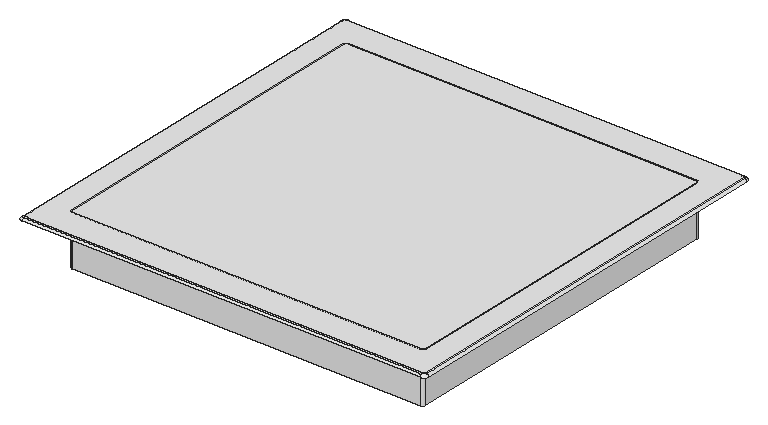
Revit family "WH2898", category Plumbing Fixtures, host Face, Revit 2019
Family settings
  Host = Face
  Round Connector Dimension = Use Diameter
  Part Type = Normal
  OmniClass Number = 23.45.05.21.11.11
  OmniClass Title = Water Operated Water Closets
  Cut with Voids When Loaded = No
  Shared = Yes
  Room Calculation Point = No
Parameters (values of type "WH2898-BLANK")
  Width = 17"  # constant formula
  Waste Connection Radius = 1 1/16"
  Waste Connection Diameter = Waste Connection Radius * 2  # 2 1/8"
  Waste Connection = yes
  WFU = 10
  Vent Connection = no
  URL = "http://www.whitehallmfg.com"
  Type Comments = ""
  Revised Date = "08/19/2019"  # constant formula
  Product Page URL = "https://www.whitehallmfg.com/WH2898-panel-flush-valve"
  Product Documentation Link = "https://www.whitehallmfg.com/uploads/fileLibrary/WH2898.pdf"
  Model = "WH2898-BLANK"
  Material = Stainless-Whitehall-16 Gauge-White
  Manufacturer = "Whitehall Mfg"
  Length = 2"  # constant formula
  Height = 17"  # constant formula
  HWFU = 0
  HW Connection = no
  Flush Valve and Punch = no
  Flush Rate = "n/a"
  Description = "Ligature Resistant Flush Valve Cover With 1.6 GPF Hydraulic Flush Valve (White)"
  Default Elevation = 0"
  Cold Water Connection Radius = 1/2"
  Cold Water Connection Diameter = Cold Water Connection Radius * 2  # 1"
  CWFU = 10
  CW Connection = yes
  Assembly Code = "D2010110"
  ADA Compliant = yes
Types (6): name | Model | Flush Valve and Punch | Flush Rate | Description
  (no name) | "WH2898-BLANK" | no | "n/a" | "Ligature Resistant Flush Valve Cover With 1.6 GPF Hydraulic Flush Valve (White)"
  WH2898-EG10-1.28 | "WH2898-EG10-1.28" | yes | "1.28 GPF" | "Ligature Resistant Flush Valve Cover With 1.28 GPF Hydraulic Flush Valve (White)"
  WH2898-EG10-1.6 | "WH2898-EG10-1.6" | yes | "1.6 GPF" | "Ligature Resistant Flush Valve Cover With 1.6 GPF Hydraulic Flush Valve (White)"
  WH2898-EG10-0.5 | "WH2898-EG10-0.5" | yes | "0.5 GPF" | "Ligature Resistant Flush Valve Cover With 0.5 GPF Hydraulic Flush Valve (White)"
  WH2898-EG10-0.125 | "WH2898-EG10-0.125" | yes | "0.125 GPF" | "Ligature Resistant Flush Valve Cover With 0.125 GPF Hydraulic Flush Valve (White)"
  WH2898-BLANK | "WH2898-BLANK" | no | "n/a" | "Ligature Resistant Flush Valve Cover With 1.6 GPF Hydraulic Flush Valve (White)"
Reference planes (in)
  plane 1 "Center (Front/Back)": y = 0
  plane 2: z = 0
  plane 3 "Center (Left/Right)": x = 0
  plane 4: z = 10
  plane 5: y = 1.5
  plane 6: y = 18.5
  plane 7: x = -8.5
  plane 8: x = 8.5
  plane 9: x = -3
  plane 10: y = 13
  plane 11: y = -5
  plane 12: z = 29.375
  plane 13: x = 7.375
  plane 14: x = -7.375
  plane 15: y = 10.0007452
  plane 16: y = 17.1882452
  plane 17: y = 2.8132452
  plane 18: z = -2
Forms (in)
  Sweep 1, solid, material "Stainless-Whitehall-16 Gauge-White" <- "Material"
    path origin (0, 0, 0) x (1, 0, 0) y (0, 1, 0)
      loop
        arc (-8.3100841, 18.5) -> (-8.4443749, 18.4443749) -> (-8.5, 18.3100841) r 0.1899159
        line (-8.5, 18.3100841) -> (-8.5, 1.6914062)
        arc (-8.5, 1.6914062) -> (-8.4439384, 1.5560616) -> (-8.3085937, 1.5) r 0.1914062
        line (-8.3085937, 1.5) -> (8.3085937, 1.5)
        arc (8.3085937, 1.5) -> (8.4439384, 1.5560616) -> (8.5, 1.6914062) r 0.1914063
        line (8.5, 1.6914062) -> (8.5, 18.3085937)
        arc (8.5, 18.3085937) -> (8.4439384, 18.4439384) -> (8.3085937, 18.5) r 0.1914063
        line (8.3085937, 18.5) -> (-8.3100841, 18.5)
    profile origin (-0.0007452, 18.5, 0) x (0, 1, 0) y (0, 0, 1)
      loop
        line (0, 0) -> (-0.0897352, 0.0897352)
        arc (-0.0897352, 0.0897352) -> (-0.1049637, 0.0999106) -> (-0.122927, 0.1034837) r 0.0469402
        line (-0.122927, 0.1034837) -> (-0.156018, 0.1034837) -> (-0.156018, 0) -> (0, 0)
  Extrusion 2, solid, material "Stainless-Whitehall-16 Gauge-White" <- "Material"
    sketch origin (0, 0, 0) x (1, 0, 0) y (0, 1, 0)
      loop
        arc (-8.343982, 1.6914062) -> (-8.333617, 1.666383) -> (-8.3085937, 1.656018) r 0.0353883
        line (-8.3085937, 1.656018) -> (8.3085937, 1.656018)
        arc (8.3085937, 1.656018) -> (8.333617, 1.666383) -> (8.343982, 1.6914062) r 0.0353883
        line (8.343982, 1.6914062) -> (8.343982, 18.3085937)
        arc (8.343982, 18.3085937) -> (8.333617, 18.333617) -> (8.3085937, 18.343982) r 0.0353883
        line (8.3085937, 18.343982) -> (-8.3100841, 18.343982)
        arc (-8.3100841, 18.343982) -> (-8.3340535, 18.3340535) -> (-8.343982, 18.3100841) r 0.0338979
        line (-8.343982, 18.3100841) -> (-8.343982, 1.6914062)
      loop
        arc (-7.2572974, 17.2038702) -> (-7.3515742, 17.1648194) -> (-7.390625, 17.0705425) r 0.1333276
        line (-7.390625, 17.0705425) -> (-7.390625, 2.9460577)
        arc (-7.390625, 2.9460577) -> (-7.3517251, 2.8521451) -> (-7.2578125, 2.8132452) r 0.1328125
        line (-7.2578125, 2.8132452) -> (7.2578125, 2.8132452)
        arc (7.2578125, 2.8132452) -> (7.3517251, 2.8521451) -> (7.390625, 2.9460577) r 0.1328125
        line (7.390625, 2.9460577) -> (7.390625, 17.0710577)
        arc (7.390625, 17.0710577) -> (7.3517251, 17.1649703) -> (7.2578125, 17.2038702) r 0.1328125
        line (7.2578125, 17.2038702) -> (-7.2572974, 17.2038702)
      loop
        arc (-7.2572974, 17.1882452) -> (-7.3405257, 17.1537709) -> (-7.375, 17.0705425) r 0.1177026
        line (-7.375, 17.0705425) -> (-7.375, 2.9460577)
        arc (-7.375, 2.9460577) -> (-7.3406766, 2.8631936) -> (-7.2578125, 2.8288702) r 0.1171875
        line (-7.2578125, 2.8288702) -> (7.2578125, 2.8288702)
        arc (7.2578125, 2.8288702) -> (7.3406766, 2.8631936) -> (7.375, 2.9460577) r 0.1171875
        line (7.375, 2.9460577) -> (7.375, 17.0710577)
        arc (7.375, 17.0710577) -> (7.3406766, 17.1539218) -> (7.2578125, 17.1882452) r 0.1171875
        line (7.2578125, 17.1882452) -> (-7.2572974, 17.1882452)
    from 0 to 0.1034837
  Revolve 3, solid, material "Stainless-Whitehall-Steel-Satin", visible <- "Flush Valve and Punch"
    sketch origin (-3, 0, 0) x (0, 1, 0) y (0, 0, 1)
      loop
        line (13.6378282, 0) -> (13.4970104, 0.2439036)
        arc (13.4970104, 0.2439036) -> (13.4674903, 0.2734237) -> (13.427165, 0.2842288) r 0.0806505
        line (13.427165, 0.2842288) -> (13.3367294, 0.2842288) -> (13.3367294, 0.345)
        arc (13.3367294, 0.345) -> (13.3244239, 0.3940767) -> (13.2904188, 0.4315415) r 0.1040161
        arc (13.2904188, 0.4315415) -> (13.1517215, 0.4970188) -> (13, 0.5194875) r 0.5234895
        line (13, 0.5194875) -> (13, 0) -> (13.6378282, 0)
      axis (13, 0.5194875) -> (13, 0)
    angle from 0 to 360
  Revolve 4, solid, material "Brass-Whitehall-Polished Chrome", visible <- "Flush Valve and Punch"
    sketch origin (0, 0, -3.25) x (1, 0, 0) y (0, 1, 0)
      loop
        line (0, 1.25) -> (0, 12.5313109) -> (-0.8751876, 12.5313109) -> (-0.8751876, 12.3446932) -> (-0.9944156, 12.3446932) -> (-0.9944156, 12.2155584) -> (-1.5611724, 12.2155584) -> (-1.8338871, 11.1977736) -> (-1.8338871, 10.9477736) -> (-1.5838871, 10.9477736)
        arc (-1.5838871, 10.9477736) -> (-0.9995025, 10.0479003) -> (-0.7947691, 8.9946381) r 2.811649
        line (-0.7947691, 8.9946381) -> (-0.7947691, 7.3957912) -> (-1.1522047, 7.3957912) -> (-1.1522047, 6.734076) -> (-0.9855339, 6.734076) -> (-0.9855339, 6.316778) -> (-0.6664746, 6.316778) -> (-0.6664746, 3.7752671) -> (-1.1522047, 3.7752671) -> (-1.1522047, 3.2752671) -> (-0.9022047, 3.2752671) -> (-0.9022047, 2.6691489) -> (-1.2467333, 2.6691489) -> (-1.2467333, 2.1691489) -> (-0.6664746, 2.1691489) -> (-0.6664746, 1.25) -> (0, 1.25)
      axis (0, 12.5313109) -> (0, 1.25)
    angle from 0 to 360
  Revolve 5, solid, material "Brass-Whitehall-Polished Chrome", visible <- "Flush Valve and Punch"
    sketch origin (0, 0, -3.25) x (1, 0, 0) y (0, 1, 0)
      loop
        line (0, 10.7854629) -> (-2.0439302, 10.7854629) -> (-2.0439302, 10.636428) -> (-2.4493053, 10.636428) -> (-2.4493053, 10.9285365) -> (-3.3077467, 10.9285365) -> (-3.3077467, 10.7198876) -> (-3.5577467, 10.7198876) -> (-3.5577467, 10.7854629) -> (-4.8077467, 10.7854629) -> (-4.8077467, 10.0354629) -> (0, 10.0354629) -> (0, 10.7854629)
      axis (0, 10.0354629) -> (-4.8077467, 10.0354629)
    angle from 0 to 360
  Revolve 6, solid, material "Brass-Whitehall-Polished Chrome", visible <- "Flush Valve and Punch"
    sketch origin (0, 0, -3.25) x (1, 0, 0) y (0, 1, 0)
      loop
        line (-4.8077467, 8.3192326) -> (-4.8077467, 11.7854629) -> (-5.5577467, 11.7854629) -> (-5.5577467, 11.0354629)
        arc (-5.5577467, 11.0354629) -> (-5.9071636, 10.0833712) -> (-5.5577467, 9.1312795) r 1.4718392
        line (-5.5577467, 9.1312795) -> (-5.5577467, 8.3192326) -> (-4.8077467, 8.3192326)
      axis (-4.8077467, 11.7854629) -> (-4.8077467, 8.3192326)
    angle from 0 to 360
  Sweep 7, solid, material "Brass-Whitehall-Polished Chrome", visible <- "Flush Valve and Punch"
    path origin (0, 0, 0) x (0, 1, 0) y (0, 0, 1)
      loop
        line (2.1691489, -3.25) -> (-4, -3.25)
        arc (-4, -3.25) -> (-4.7071068, -2.9571068) -> (-5, -2.25) r 1
        line (-5, -2.25) -> (-5, 0)
    profile origin (0, -0.9154256, -3.25) x (0, 0, -1) y (1, 0, 0)
      loop
        circle (0, 0) r 0.75
  Extrusion 8, solid, material "Stainless-Whitehall-16 Gauge-White" <- "Material"
    sketch origin (0, 0, 0) x (1, 0, 0) y (0, 1, 0)
      loop
        line (7.2578125, 17.1882452) -> (-7.2572974, 17.1882452)
        arc (-7.2572974, 17.1882452) -> (-7.3405257, 17.1537709) -> (-7.375, 17.0705425) r 0.1177026
        line (-7.375, 17.0705425) -> (-7.375, 2.9460577)
        arc (-7.375, 2.9460577) -> (-7.3406766, 2.8631936) -> (-7.2578125, 2.8288702) r 0.1171875
        line (-7.2578125, 2.8288702) -> (7.2578125, 2.8288702)
        arc (7.2578125, 2.8288702) -> (7.3406766, 2.8631936) -> (7.375, 2.9460577) r 0.1171875
        line (7.375, 2.9460577) -> (7.375, 17.0710577)
        arc (7.375, 17.0710577) -> (7.3406766, 17.1539218) -> (7.2578125, 17.1882452) r 0.1171875
      loop
        arc (-7.2572974, 17.2038702) -> (-7.3515742, 17.1648194) -> (-7.390625, 17.0705425) r 0.1333276
        line (-7.390625, 17.0705425) -> (-7.390625, 2.9460577)
        arc (-7.390625, 2.9460577) -> (-7.3517251, 2.8521451) -> (-7.2578125, 2.8132452) r 0.1328125
        line (-7.2578125, 2.8132452) -> (7.2578125, 2.8132452)
        arc (7.2578125, 2.8132452) -> (7.3517251, 2.8521451) -> (7.390625, 2.9460577) r 0.1328125
        line (7.390625, 2.9460577) -> (7.390625, 17.0710577)
        arc (7.390625, 17.0710577) -> (7.3517251, 17.1649703) -> (7.2578125, 17.2038702) r 0.1328125
        line (7.2578125, 17.2038702) -> (-7.2572974, 17.2038702)
    from -2 to 0
Cuts and joins
  joined: Sweep 1, Extrusion 2, Extrusion 8
  joined: Revolve 4, Revolve 5, Revolve 6, Sweep 7
Dimensions and locks (in)
  plane 4 to host face = 10"
  level to plane 4 = 10"
  plane 5 to plane 1 "Center (Front/Back)" = 1 1/2"
  equal spacing: plane 7, plane 3 "Center (Left/Right)", plane 8
  plane 7 to plane 8 = 17"
  locked: plane 6 to plane 5 at 17
  locked: plane 10 to plane 5 at 11.5
  level to plane 12 = 29 3/8"
  equal spacing: plane 13, plane 3 "Center (Left/Right)", plane 14
  plane 13 to plane 14 = 14 3/4"
  plane 9 to plane 3 "Center (Left/Right)" = 3"
  plane 16 to plane 17 = 14 3/8"
  plane 2 to plane 18 = 2"
  aligned and locked: plane 2 to host face
  aligned and locked: level to host face
Automatic sketch dimensions
  host sketch curve to host sketch curve = 96"  (x2)
  Sweep 1 sketch curve to plane 7 = 0"
  Sweep 1 sketch curve to plane 6 = 0"
  Sweep 1 sketch curve to plane 5 = 0"
  Sweep 1 sketch curve to plane 8 = 0"
  Sweep 1 sketch curve to plane 7 = 0.18992"
  plane 5 to Sweep 1 sketch curve = 49/256"
  Sweep 1 sketch curve to plane 8 = 49/256"
  Sweep 1 sketch curve to Sweep 1 sketch curve = 49/256"
  Sweep 1 sketch curve to level = 0"
  Sweep 1 sketch curve to profile plane = 0"
  profile plane to Sweep 1 sketch curve = 0.08974"
  Sweep 1 sketch curve to Sweep 1 sketch curve = 0.03319"  (x2)
  Sweep 1 sketch curve to Sweep 1 sketch curve = 0.03309"
  level to Sweep 1 sketch curve = 0.05654"
  Revolve 3 sketch curve to plane 10 = 0"  (x2)
  Revolve 3 sketch curve to level = 0"
  plane 10 to Revolve 3 sketch curve = 0.23271"
  Revolve 3 sketch curve to Revolve 3 sketch curve = 0.10402"
  Revolve 3 sketch curve to Revolve 3 sketch curve = 0.09044"
  level to Revolve 3 sketch curve = 0.2439"
  Revolve 3 sketch curve to Revolve 3 sketch curve = 0.06985"
  Revolve 3 sketch curve to Revolve 3 sketch curve = 0.14082"
  Revolve 3 sketch curve to Revolve 3 sketch curve = 0.004"
  Revolve 3 sketch curve to Revolve 3 sketch curve = 0.04033"
  Revolve 3 sketch curve to Revolve 3 sketch curve = 0.06077"
  Revolve 3 sketch curve to Revolve 3 sketch curve = 0.17449"
  Revolve 3 sketch curve to Revolve 3 sketch curve = 0"
  Revolve 3 sketch curve to Revolve 3 sketch curve = 0.0538"
  Revolve 4 sketch curve to plane 3 "Center (Left/Right)" = 0"  (x2)
  Revolve 4 sketch curve to plane 5 = 1/4"
  Revolve 4 sketch curve to plane 3 "Center (Left/Right)" = 0.66647"  (x2)
  Revolve 4 sketch curve to plane 3 "Center (Left/Right)" = 0.79477"
  Revolve 4 sketch curve to plane 3 "Center (Left/Right)" = 0.87519"
  Revolve 4 sketch curve to Revolve 4 sketch curve = 0.23573"
  Revolve 4 sketch curve to Revolve 4 sketch curve = 0.31906"
  Revolve 4 sketch curve to Revolve 4 sketch curve = 0.11923"
  Revolve 4 sketch curve to Revolve 4 sketch curve = 0.16667"
  Revolve 4 sketch curve to Revolve 4 sketch curve = 1/4"  (x3)
  Revolve 4 sketch curve to Revolve 4 sketch curve = 0.58026"
  Revolve 4 sketch curve to Revolve 4 sketch curve = 0.56676"
  Revolve 4 sketch curve to Revolve 4 sketch curve = 0.02271"
  plane 9 to Revolve 4 sketch curve = 0.60642"
  plane 5 to Revolve 4 sketch curve = 0.66915"
  Revolve 4 sketch curve to Revolve 4 sketch curve = 1/2"  (x3)
  Revolve 4 sketch curve to Revolve 4 sketch curve = 0.60612"
  Revolve 4 sketch curve to Revolve 4 sketch curve = 2.54151"
  Revolve 4 sketch curve to Revolve 4 sketch curve = 0.4173"
  Revolve 4 sketch curve to Revolve 4 sketch curve = 0.66172"
  Revolve 4 sketch curve to Revolve 4 sketch curve = 1.59885"
  Revolve 4 sketch curve to plane 10 = 0.78444"
  Revolve 4 sketch curve to Revolve 4 sketch curve = 0.12913"
  Revolve 4 sketch curve to plane 10 = 0.46869"
  Revolve 4 sketch curve to Revolve 4 sketch curve = 1 1/4"
  Revolve 5 sketch curve to plane 3 "Center (Left/Right)" = 0"
  Revolve 5 sketch curve to plane 9 = 0.95607"
  Revolve 5 sketch curve to Revolve 5 sketch curve = 0.40538"
  plane 9 to Revolve 5 sketch curve = 0.30775"
  Revolve 5 sketch curve to Revolve 5 sketch curve = 1/4"
  Revolve 5 sketch curve to Revolve 5 sketch curve = 1 1/4"
  Revolve 5 sketch curve to plane 10 = 2.96454"
  Revolve 5 sketch curve to Revolve 5 sketch curve = 0.60097"  (x2)
  Revolve 5 sketch curve to Revolve 5 sketch curve = 0.08346"
  Revolve 5 sketch curve to Revolve 5 sketch curve = 3/4"
  Revolve 5 sketch curve to Revolve 5 sketch curve = 0.06558"
  Revolve 5 sketch curve to Revolve 5 sketch curve = 0.29211"
  Revolve 5 sketch curve to Revolve 5 sketch curve = 0.79393"
  Revolve 5 sketch curve to Revolve 5 sketch curve = 0"
  Revolve 6 sketch curve to Revolve 6 sketch curve = 3/4"  (x3)
  plane 9 to Revolve 6 sketch curve = 1.43532"
  Revolve 6 sketch curve to plane 10 = 4.68077"
  Revolve 6 sketch curve to Revolve 6 sketch curve = 0.81205"
  Revolve 6 sketch curve to Revolve 6 sketch curve = 0.95209"
  Revolve 6 sketch curve to Revolve 6 sketch curve = 0"
  Revolve 6 sketch curve to Revolve 6 sketch curve = 0.12013"
  Revolve 6 sketch curve to Revolve 6 sketch curve = 0.66743"
  Sweep 7 sketch curve to plane 11 = 0"
  Sweep 7 sketch curve to level = 0"
  Sweep 7 sketch curve to Sweep 7 sketch curve = 1"
  Sweep 7 sketch curve to level = 2 1/4"
  plane 5 to Sweep 7 sketch curve = 0.66915"
  Sweep 7 sketch curve to plane 3 "Center (Left/Right)" = 0"
  Sweep 7 sketch curve to profile plane = 0"
  Revolve 6 sketch curve to Revolve 6 sketch curve = 0.37242"
  Extrusion 2 sketch curve to Extrusion 2 sketch curve = 0"  (x8)
  Extrusion 2 sketch curve to plane 14 = 0"
  Extrusion 2 sketch curve to plane 17 = 0"
  plane 16 to Extrusion 2 sketch curve = 0"
  Extrusion 2 sketch curve to plane 13 = 0"
  plane 14 to Extrusion 2 sketch curve = 1/64"
  Extrusion 2 sketch curve to plane 7 = 49/256"
  Extrusion 2 sketch curve to plane 7 = 0.18992"
  Extrusion 2 sketch curve to Extrusion 2 sketch curve = 0.0339"
  Extrusion 2 sketch curve to Extrusion 2 sketch curve = 15/128"
  Extrusion 2 sketch curve to plane 14 = 0.1177"
  Extrusion 2 sketch curve to plane 13 = 15/128"  (x2)
  Extrusion 2 sketch curve to plane 8 = 49/256"  (x2)
  Extrusion 2 sketch curve to Extrusion 2 sketch curve = 0.03539"
  plane 5 to Extrusion 2 sketch curve = 49/256"
  Extrusion 2 sketch curve to plane 6 = 49/256"
  Extrusion 8 sketch curve to plane 14 = 0"
  plane 16 to Extrusion 8 sketch curve = 0"
  Extrusion 8 sketch curve to plane 13 = 0"
  Extrusion 8 sketch curve to Extrusion 8 sketch curve = 15/128"
  Extrusion 8 sketch curve to plane 14 = 0.1177"
  Extrusion 8 sketch curve to plane 13 = 15/128"  (x2)
  plane 17 to Extrusion 8 sketch curve = 1/64"
  Extrusion 8 sketch curve to Extrusion 8 sketch curve = 0"  (x7)
  Extrusion 8 sketch curve to plane 17 = 0"
  radius of Sweep 7 sketch curve = 3/4"
Connectors (in)
  piping at (-4.8077467, 8.3192326, -3.25), diameter 1, driven by "CWFU", driven by "Cold Water Connection Diameter"
    settings: on cut or joined group of Revolve 4, Revolve 5, Revolve 6, Sweep 7, index 2, connector inside diameter 24", connector length 0", flow factor 0, pipe flow 0 GPM, pressure drop 0.00 psi, fitting loss kfactor 0, connector angle 0.00°, fixture units 10, engagement length 0", angle of deflection 0.00°, flow configuration 3, flow direction 1, fitting loss method 0, system type 20, joint type 0, gender type 0, connector reference index -1, connector utility 0, adjustable connector no, is connector primary yes, connector description "1-1/2\" NPT CW Inlet"
